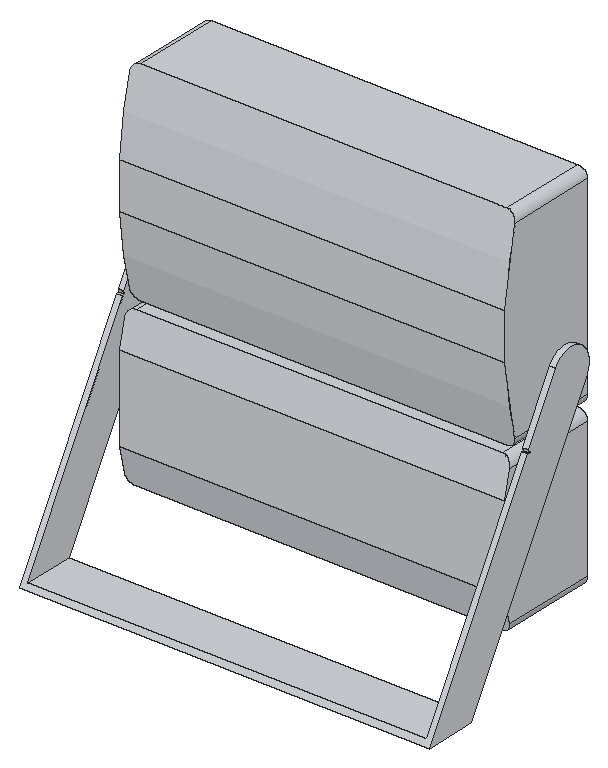
Revit family "Lighting-Proiezione-GEWISS-SMART[PRO]2.0-PROIETTORI-LED-MEDIA-POTENZA_2MODULI_DALI_CLI", category Apparecchi per illuminazione, host Superficie, Revit 2019
Family settings
  Host = Superficie
  Quota connettore circolare = Usa diametro
  Tipo di parte = Normale
  Taglio con vuoti quando caricato = No
  Sorgente d'illuminazione = No
  Condiviso = No
  Punto di calcolo locali = No
Parameters (values of type "GWP2285ND - SMARTPRO2.0 2M 5700K CRI80 A3 DALI CL1")
  Viti esterne = "Acciaio inossidabile"
  Versioni = "Luce fredda 5700K"
  Versione file RFA = "20.11"
  Vano di alimentazione = "Integrato"
  VISIBILITA PROIETTORE IN PIANTA [instance] = no
  VIBILITA SIMBOLO [instance] = not(VISIBILITA PROIETTORE IN PIANTA)  # yes
  URL = "https://www.gewiss.com/it/it"
  Tolleranza cromatica = "SDCM = 3"
  Tipologia sorgente luminosa = "LED - Non sostituibile"
  Tipologia = ""
  Tipo versione = ""
  Tipo di installazione e montaggio = "Torrefaro - Parete - Terra"
  Tipo di apparecchio = "Apparecchio per proiezione LED di piccola, media e alta potenza"
  Tensione di alimentazione = "220 - 240 V"
  Tensione = ""
  Temperatura di utilizzo = ""
  Temperatura di stoccaggio = "-"
  Temperatura di esercizio = "-30 +50 °C"
  Temperatura di colore: = ""
  Temperatura di colore = "5700K"
  Superficie massima esposta al vento : = "0,170 m2"
  Superficie massima esposta al vento = ""
  Spostamento_x_effettivo = 4000 mm - Spostamento_x  # 1813.822 mm
  Spostamento_x = 2186.178 mm
  SostituibilitÃ  piastra di cablaggio = "Non disponibile"
  SostituibilitÃ  gruppo ottico = "Non disponibile"
  Sistema di controllo = "DALI"
  Schermo = "Vetro piano extrachiaro spessore 4mm"
  Scheda Tecnica = "https://www.gewiss.com/it/it/search?q=GWP2285ND"
  SEO = "Proiettore"
  Resistenza alle sovratensioni : = ""
  Resistenza al filo incandescente = "-"
  Resistenza agli urti = "IK08"
  Regolazione inclinazione = ""
  Default Elevation = 1219.2 mm
  Produttore = "GEWISS S.p.A."
  Potenza di sistema = "330W"
  Peso (kg): = "13"
  Peso (kg) = ""
  Ottica = "A3 - Asimmetrica Stretta"
  N° LED = ""
  Numero moduli = ""
  Norma di riferimento = "EN60598-1; EN60598-2-5; IEC 62778; IEC 62471; EN13201"
  N. moduli Chorus = ""
  Modello = "GWP2285ND"
  Materiali = "-"
  Lumen output (lm) = "37200"
  Life Time L90B10 (Tq 50Â°C) : = ""
  Life Time L90B10 (Tq 25Â°C) : = ""
  Life Time L80B10 (Tq 25Â°C) = ""
  Lampada: = ""
  Lampada = "LED"
  Installazione e manutenzione = "-"
  Informazioni generali = "-"
  Indice di resa cromatica = "CRI-80"
  Inclinazione = "Rotazione su staffa con goniometro integrato"
  Immagine tipo = GWP2274AD.jpg
  IPEA = "STRADALE = A // GRANDI AREE = A3+ // CICLOPEDONALI = A+ // AREE VERDI = A+ // CENTRO STORICO = A5+ // ALTRO = A5+"
  IDT = "256691c01990452284852cf61e57a00c"
  IDF = "2baeb83e-fb93-4ee6-8b3b-a462765b39a8"
  Guarnizioni = "silicone antinvecchiamento"
  Gruppo ottico = "Parabola in alluminio anodizzato brillantato con alluminio puro 99,99%"
  Grado di protezione = "IP66"
  Garanzia = "5 anni"
  Gancio di chiusura = "Viti metriche esagonali"
  GW - Codice Electrocod = "2424"
  Frequenza nominale (Hz) = "50 / 60"
  Flusso nominale = ""
  Fissaggio = "Staffa"
  Finitura colore = "Verniciato a polvere poliestere"
  Efficienza luminosa (lm/W) = "113"
  Durata di vita = "L90B10 (Tq+25°C) - 40000h L90B10 (Tq+50°C) = 32000h L80B10 (Tq+25°C) - 90000h"
  Distanza minima dall'oggetto illuminato = ""
  Dispositivo di protezione = "DM 6 kV / CM 10 kV"
  Descrizione = "SMARTPRO2.0 2M 5700K CRI80 A3 DALI CL1"
  Creato da GEWISS S.p.A. = ""
  Corrente di pilotaggio LED = ""
  Corpo = "Alluminio pressofuso"
  Controllo abbagliamento e luminanza = "G*6 - ULOR = 0"
  Contesto = "Illuminazione di grandi aree, impianti sportivi"
  Colore = "Grigio grafite"
  Codice digitale univoco (Datamatrix) = "Attualmente non presente"
  Codice EAN = ""
  Classificazione: = "-"
  Classe isolamento = "I"
  Classe fotobiologica = "-"
  Certificazioni e classificazioni = "-"
  Certificazione DIN 18032-3 = "Si"
  Catalogo Serie = ""
  Catalogo = "LIGHTING"
  Caratteristiche ottiche e illuminotecniche = "-"
  Caratteristiche elettriche e gestione della luce = "-"
  Cablaggio = "Connettore stagno"
  COBie.Tagnumber = ""
  COBie.CreatedOn = ""
  COBie.CreatebBy = ""
  COBie.ComponentRegisterItemID = ""
  COBie.Component.TagNumber = ""
  COBie.Component.Space = ""
  COBie.Component.SerialNumber = ""
  COBie.Component.InstallationDate = ""
  COBie.Component.Description = ""
  COBie.Component.BarCode = ""
  Applicazione = "Interno / Esterno"
  Apparecchio a ridotta temperatura superficiale = "No"
  Alimentatore = "Incluso"
Reference planes
  plane 1 "Centro (Fronte/Retro)": y = 0
  plane 2: z = 0
  plane 3 "Centro (Sinistra/Destra)": x = 0
  plane 4: x = -1813.822
  plane 5: x = 0
Lines and regions (mm)
  Masking region 1, visible <- "VISIBILITA PROIETTORE IN PIANTA"
    outline origin (0, 0, 0) x (1, 0, 0) y (0, 1, 0)
      loop
        line (-199.835, 106.682) -> (-199.835, -103.584) -> (200.165, -103.584) -> (200.165, 106.682) -> (-199.835, 106.682)
  Masking region 2, visible <- "VISIBILITA PROIETTORE IN PIANTA"
    outline origin (0, 0, 0) x (1, 0, 0) y (0, 1, 0)
      loop
        line (-212.835, -113.135) -> (213.165, -113.135) -> (213.165, 106.682) -> (207.165, 106.682) -> (207.165, -110.249) -> (-207.165, -110.249) -> (-207.165, 106.682) -> (-212.835, 106.682) -> (-212.835, -113.135)
  symbolic lines, visible <- "VISIBILITA PROIETTORE IN PIANTA"
    curve 1: line (-193.91, 0, 417.088) -> (173.228, 0, 417.088)
    curve 2: line (-206.772, 0, 217.838) -> (-206.772, 0, 404.227)
    curve 3: line (173.228, 0, 197.838) -> (-186.772, 0, 197.838)
    curve 4: line (193.228, 0, 397.088) -> (193.228, 0, 217.838)
    curve 5: arc (-206.772, 0, 404.227) -> (-203.005, 0, 413.321) -> (-193.91, 0, 417.088) r 12.861
    curve 6: arc (193.228, 0, 397.088) -> (187.37, 0, 411.23) -> (173.228, 0, 417.088) r 20
    curve 7: arc (173.228, 0, 197.838) -> (187.37, 0, 203.696) -> (193.228, 0, 217.838) r 20
    curve 8: arc (-206.772, 0, 217.838) -> (-200.914, 0, 203.696) -> (-186.772, 0, 197.838) r 20
    curve 9: line (-193.91, 0, 182.088) -> (173.228, 0, 182.088)
    curve 10: line (-206.772, 0, 57.838) -> (-206.772, 0, 169.227)
    curve 11: line (173.228, 0, 37.838) -> (-186.772, 0, 37.838)
    curve 12: line (193.228, 0, 162.088) -> (193.228, 0, 57.838)
    curve 13: arc (-206.772, 0, 169.227) -> (-203.005, 0, 178.321) -> (-193.91, 0, 182.088) r 12.861
    curve 14: arc (193.228, 0, 162.088) -> (187.37, 0, 176.23) -> (173.228, 0, 182.088) r 20
    curve 15: arc (173.228, 0, 37.838) -> (187.37, 0, 43.696) -> (193.228, 0, 57.838) r 20
    curve 16: arc (-206.772, 0, 57.838) -> (-200.914, 0, 43.696) -> (-186.772, 0, 37.838) r 20
    curve 17: line (-227.35, 0, 25) -> (-227.35, 0, 253.745)
    curve 18: line (-222.35, 0, 248.021) -> (-222.35, 0, 30)
    curve 19: line (181.521, 0, 0) -> (-192.35, 0, 0)
    curve 20: line (-197.35, 0, -5) -> (186.521, 0, -5)
    curve 21: arc (-227.35, 0, 25) -> (-218.563, 0, 3.787) -> (-197.35, 0, -5) r 30
    curve 22: arc (-222.35, 0, 30) -> (-213.563, 0, 8.787) -> (-192.35, 0, 0) r 30
    curve 23: line (-227.35, 0, 211.958) -> (-225.82, 0, 211.958)
    curve 24: line (-225.82, 0, 211.958) -> (-227.841, 0, 215.455)
    curve 25: line (-227.841, 0, 215.455) -> (-231.85, 0, 222.399)
    curve 26: line (-231.85, 0, 222.399) -> (-231.85, 0, 228.935)
    curve 27: line (-231.85, 0, 228.935) -> (-231.85, 0, 247.511)
    curve 28: line (-231.85, 0, 247.511) -> (-226.218, 0, 257.265)
    curve 29: line (-222.35, 0, 211.265) -> (-204.35, 0, 211.265)
    curve 30: line (-204.35, 0, 257.265) -> (-226.218, 0, 257.265)
    curve 31: line (216.521, 0, 25) -> (216.521, 0, 253.745)
    curve 32: line (211.521, 0, 248.021) -> (211.521, 0, 30)
    curve 33: arc (216.521, 0, 25) -> (207.734, 0, 3.787) -> (186.521, 0, -5) r 30
    curve 34: arc (211.521, 0, 30) -> (202.734, 0, 8.787) -> (181.521, 0, 0) r 30
    curve 35: line (216.521, 0, 211.958) -> (214.991, 0, 211.958)
    curve 36: line (214.991, 0, 211.958) -> (217.011, 0, 215.455)
    curve 37: line (217.011, 0, 215.455) -> (221.021, 0, 222.399)
    curve 38: line (221.021, 0, 222.399) -> (221.021, 0, 228.935)
    curve 39: line (221.021, 0, 228.935) -> (221.021, 0, 247.511)
    curve 40: line (221.021, 0, 247.511) -> (215.389, 0, 257.265)
    curve 41: line (211.521, 0, 211.265) -> (193.521, 0, 211.265)
    curve 42: line (193.521, 0, 257.265) -> (215.389, 0, 257.265)
  symbolic lines, visible <- "VISIBILITA PROIETTORE IN PIANTA", not visible
    curve 43: line (382.37, 0, 549.17) -> (749.508, 0, 549.17)
    curve 44: line (369.508, 0, 349.92) -> (369.508, 0, 536.309)
    curve 45: line (749.508, 0, 329.92) -> (389.508, 0, 329.92)
    curve 46: line (769.508, 0, 529.17) -> (769.508, 0, 349.92)
    curve 47: arc (369.508, 0, 536.309) -> (373.275, 0, 545.403) -> (382.37, 0, 549.17) r 12.861
    curve 48: arc (769.508, 0, 529.17) -> (763.651, 0, 543.313) -> (749.508, 0, 549.17) r 20
    curve 49: arc (749.508, 0, 329.92) -> (763.651, 0, 335.778) -> (769.508, 0, 349.92) r 20
    curve 50: arc (369.508, 0, 349.92) -> (375.366, 0, 335.778) -> (389.508, 0, 329.92) r 20
    curve 51: line (382.37, 0, 314.17) -> (749.508, 0, 314.17)
    curve 52: line (369.508, 0, 189.92) -> (369.508, 0, 301.309)
    curve 53: line (749.508, 0, 169.92) -> (389.508, 0, 169.92)
    curve 54: line (769.508, 0, 294.17) -> (769.508, 0, 189.92)
    curve 55: arc (369.508, 0, 301.309) -> (373.275, 0, 310.403) -> (382.37, 0, 314.17) r 12.861
    curve 56: arc (769.508, 0, 294.17) -> (763.651, 0, 308.313) -> (749.508, 0, 314.17) r 20
    curve 57: arc (749.508, 0, 169.92) -> (763.651, 0, 175.778) -> (769.508, 0, 189.92) r 20
    curve 58: arc (369.508, 0, 189.92) -> (375.366, 0, 175.778) -> (389.508, 0, 169.92) r 20
    curve 59: line (348.93, 0, 157.082) -> (348.93, 0, 385.828)
    curve 60: line (353.93, 0, 380.103) -> (353.93, 0, 162.082)
    curve 61: line (757.801, 0, 132.082) -> (383.93, 0, 132.082)
    curve 62: line (378.93, 0, 127.082) -> (762.801, 0, 127.082)
    curve 63: arc (348.93, 0, 157.082) -> (357.717, 0, 135.869) -> (378.93, 0, 127.082) r 30
    curve 64: arc (353.93, 0, 162.082) -> (362.717, 0, 140.869) -> (383.93, 0, 132.082) r 30
    curve 65: line (348.93, 0, 344.04) -> (350.46, 0, 344.04)
    curve 66: line (350.46, 0, 344.04) -> (348.439, 0, 347.537)
    curve 67: line (348.439, 0, 347.537) -> (344.43, 0, 354.481)
    curve 68: line (344.43, 0, 354.481) -> (344.43, 0, 361.017)
    curve 69: line (344.43, 0, 361.017) -> (344.43, 0, 379.593)
    curve 70: line (344.43, 0, 379.593) -> (350.062, 0, 389.347)
    curve 71: line (353.93, 0, 343.347) -> (371.93, 0, 343.347)
    curve 72: line (371.93, 0, 389.347) -> (350.062, 0, 389.347)
    curve 73: line (792.801, 0, 157.082) -> (792.801, 0, 385.828)
    curve 74: line (787.801, 0, 380.103) -> (787.801, 0, 162.082)
    curve 75: arc (792.801, 0, 157.082) -> (784.014, 0, 135.869) -> (762.801, 0, 127.082) r 30
    curve 76: arc (787.801, 0, 162.082) -> (779.014, 0, 140.869) -> (757.801, 0, 132.082) r 30
    curve 77: line (792.801, 0, 344.04) -> (791.271, 0, 344.04)
    curve 78: line (791.271, 0, 344.04) -> (793.292, 0, 347.537)
    curve 79: line (793.292, 0, 347.537) -> (797.301, 0, 354.481)
    curve 80: line (797.301, 0, 354.481) -> (797.301, 0, 361.017)
    curve 81: line (797.301, 0, 361.017) -> (797.301, 0, 379.593)
    curve 82: line (797.301, 0, 379.593) -> (791.669, 0, 389.347)
    curve 83: line (787.801, 0, 343.347) -> (769.801, 0, 343.347)
    curve 84: line (769.801, 0, 389.347) -> (791.669, 0, 389.347)
    curve 85: line (-193.91, 0, 417.088) -> (173.228, 0, 417.088)
    curve 86: line (-206.772, 0, 217.838) -> (-206.772, 0, 404.227)
    curve 87: line (173.228, 0, 197.838) -> (-186.772, 0, 197.838)
    curve 88: line (193.228, 0, 397.088) -> (193.228, 0, 217.838)
    curve 89: arc (-206.772, 0, 404.227) -> (-203.005, 0, 413.321) -> (-193.91, 0, 417.088) r 12.861
    curve 90: arc (193.228, 0, 397.088) -> (187.37, 0, 411.23) -> (173.228, 0, 417.088) r 20
    curve 91: arc (173.228, 0, 197.838) -> (187.37, 0, 203.696) -> (193.228, 0, 217.838) r 20
    curve 92: arc (-206.772, 0, 217.838) -> (-200.914, 0, 203.696) -> (-186.772, 0, 197.838) r 20
    curve 93: line (-193.91, 0, 182.088) -> (173.228, 0, 182.088)
    curve 94: line (-206.772, 0, 57.838) -> (-206.772, 0, 169.227)
    curve 95: line (173.228, 0, 37.838) -> (-186.772, 0, 37.838)
    curve 96: line (193.228, 0, 162.088) -> (193.228, 0, 57.838)
    curve 97: arc (-206.772, 0, 169.227) -> (-203.005, 0, 178.321) -> (-193.91, 0, 182.088) r 12.861
    curve 98: arc (193.228, 0, 162.088) -> (187.37, 0, 176.23) -> (173.228, 0, 182.088) r 20
    curve 99: arc (173.228, 0, 37.838) -> (187.37, 0, 43.696) -> (193.228, 0, 57.838) r 20
    curve 100: arc (-206.772, 0, 57.838) -> (-200.914, 0, 43.696) -> (-186.772, 0, 37.838) r 20
    curve 101: line (-227.35, 0, 25) -> (-227.35, 0, 253.745)
    curve 102: line (-222.35, 0, 248.021) -> (-222.35, 0, 30)
    curve 103: line (181.521, 0, 0) -> (-192.35, 0, 0)
    curve 104: line (-197.35, 0, -5) -> (186.521, 0, -5)
    curve 105: arc (-227.35, 0, 25) -> (-218.563, 0, 3.787) -> (-197.35, 0, -5) r 30
    curve 106: arc (-222.35, 0, 30) -> (-213.563, 0, 8.787) -> (-192.35, 0, 0) r 30
    curve 107: line (-227.35, 0, 211.958) -> (-225.82, 0, 211.958)
    curve 108: line (-225.82, 0, 211.958) -> (-227.841, 0, 215.455)
    curve 109: line (-227.841, 0, 215.455) -> (-231.85, 0, 222.399)
    curve 110: line (-231.85, 0, 222.399) -> (-231.85, 0, 228.935)
    curve 111: line (-231.85, 0, 228.935) -> (-231.85, 0, 247.511)
    curve 112: line (-231.85, 0, 247.511) -> (-226.218, 0, 257.265)
    curve 113: line (-222.35, 0, 211.265) -> (-204.35, 0, 211.265)
    curve 114: line (-204.35, 0, 257.265) -> (-226.218, 0, 257.265)
    curve 115: line (216.521, 0, 25) -> (216.521, 0, 253.745)
    curve 116: line (211.521, 0, 248.021) -> (211.521, 0, 30)
    curve 117: arc (216.521, 0, 25) -> (207.734, 0, 3.787) -> (186.521, 0, -5) r 30
    curve 118: arc (211.521, 0, 30) -> (202.734, 0, 8.787) -> (181.521, 0, 0) r 30
    curve 119: line (216.521, 0, 211.958) -> (214.991, 0, 211.958)
    curve 120: line (214.991, 0, 211.958) -> (217.011, 0, 215.455)
    curve 121: line (217.011, 0, 215.455) -> (221.021, 0, 222.399)
    curve 122: line (221.021, 0, 222.399) -> (221.021, 0, 228.935)
    curve 123: line (221.021, 0, 228.935) -> (221.021, 0, 247.511)
    curve 124: line (221.021, 0, 247.511) -> (215.389, 0, 257.265)
    curve 125: line (211.521, 0, 211.265) -> (193.521, 0, 211.265)
    curve 126: line (193.521, 0, 257.265) -> (215.389, 0, 257.265)
Dimensions and locks
  plane 4 to plane 3 "Centro (Sinistra/Destra)" = 1813.822 mm
  "Spostamento_x_effettivo": plane 4 to plane 5
  aligned and locked: plane 2 to host face
  aligned and locked: level to host face
  aligned and locked: plane 3 "Centro (Sinistra/Destra)" to nested 1
  aligned and locked: plane 5 to nested 2
Automatic sketch dimensions
  host sketch curve to host sketch curve = 2438.4 mm  (x2)
  Masking region 1 sketch curve to plane 3 "Centro (Sinistra/Destra)" = 199.835 mm
  plane 3 "Centro (Sinistra/Destra)" to Masking region 1 sketch curve = 200.165 mm
  plane 1 "Centro (Fronte/Retro)" to Masking region 1 sketch curve = 103.584 mm
  Masking region 1 sketch curve to plane 1 "Centro (Fronte/Retro)" = 106.682 mm
  Masking region 2 sketch curve to plane 3 "Centro (Sinistra/Destra)" = 212.835 mm
  Masking region 2 sketch curve to Masking region 2 sketch curve = 5.671 mm
  plane 3 "Centro (Sinistra/Destra)" to Masking region 2 sketch curve = 207.165 mm
  Masking region 2 sketch curve to Masking region 2 sketch curve = 6 mm
  plane 1 "Centro (Fronte/Retro)" to Masking region 2 sketch curve = 113.135 mm
  Masking region 2 sketch curve to Masking region 2 sketch curve = 2.887 mm
  Masking region 2 sketch curve to plane 1 "Centro (Fronte/Retro)" = 106.682 mm  (x2)
Nested families
  nested 1: "SMART[PRO]2.0 PROIETTORI LED MEDIA POTENZA 2 MOD DALI_BASE" at (-212.835, -103.584, 0), type "GWP2273AD - 3000K - Symm. S1 - 2x80 LED - 330W - IP66"
  nested 2: "SIMB2DALI" at (0, 20, 0), type "SIMB2DALI"
  nested 3: "SIMB2DALI" at (0, 0, 228.171) x (1, 0, 0) z (0, -1, 0), visible <- "VIBILITA SIMBOLO", type "SIMB2DALI"
Definition of nested family "SMART[PRO]2.0 PROIETTORI LED MEDIA POTENZA 2 MOD DALI_BASE"
  Parameters (values of type "GWP2273AD - 3000K - Symm. S1 - 2x80 LED - 330W - IP66")
    l = 400 mm  # constant formula
    Vetro = none
    Versioni = "Luce calda 3000K"
    Temperatura di colore = "3000 K (CRI 70)"
    Superficie massima esposta al vento [mq] = "0,43"
    Serie = "SMART [PRO] 2.0"
    Resistenza agli urti = "IK08"
    Regolazione inclinazione = "-180° ÷ + 180° staffa"
    Default Elevation = 1219.2 mm
    Manufacturer = "GEWISS"
    Potenza di sistema = "330W"
    Peso (kg) = "13"
    Ottica = "Simmetrica S1"
    N° LED = "160"
    Numero moduli = "2 (2x80 LED)"
    Model = "GWP2273AD"
    Lumen output (lm) = "34925"
    Lamp = "LED"
    Type Image = element 180151
    GW - Grado di protezione = "IP66"
    Garanzia = "5 anni"
    GEWISS SCHEDA TECNICA = "http://pro.gewiss.com/irj/portal/?NavigationTarget=pcd:portal_content/com.gewiss.ZPPFDMain/com.gewiss.ZPPFDITMain/com.gewiss.ZPPFDITMainDefault/com.gewiss.ZPPFDITPages/com.gewiss.ZPPFDITPagesAP/com.gewiss.ZPPFDITPagesAPCatalogo/com.gewiss.ZPPPDITAPProductDetail&codProd=GWP2273AD"
    Flusso nominale = "44800"
    Description = "SMART PRO 2M 3000K CRI70 TYPE S1 DALI"
    GW - Codice Electrocod = "2424"
    Classe isolamento = "I"
    Applicazione = "Interno / Esterno"
  Types (32, lengths in mm): name | Versioni | Temperatura di colore | Ottica | Model | Lumen output (lm) | GEWISS SCHEDA TECNICA | Flusso nominale | Description
    GWP2273AD - 3000K - Symm. S1 - 2x80 LED - 330W - IP66 | "Luce calda 3000K" | "3000 K (CRI 70)" | "Simmetrica S1" | "GWP2273AD" | "34925" | "http://pro.gewiss.com/irj/portal/?NavigationTarget=pcd:portal_content/com.gewiss.ZPPFDMain/com.gewiss.ZPPFDITMain/com.gewiss.ZPPFDITMainDefault/com.gewiss.ZPPFDITPages/com.gewiss.ZPPFDITPagesAP/com.gewiss.ZPPFDITPagesAPCatalogo/com.gewiss.ZPPPDITAPProductDetail&codProd=GWP2273AD" | "44800" | "SMART PRO 2M 3000K CRI70 TYPE S1 DALI"
    GWP2273BD - 3000K - Symm. S2 - 2x80 LED - 330W - IP66 | "Luce calda 3000K" | "3000 K (CRI 70)" | "Simmetrica S2" | "GWP2273BD" | "37137" | "http://pro.gewiss.com/irj/portal/?NavigationTarget=pcd:portal_content/com.gewiss.ZPPFDMain/com.gewiss.ZPPFDITMain/com.gewiss.ZPPFDITMainDefault/com.gewiss.ZPPFDITPages/com.gewiss.ZPPFDITPagesAP/com.gewiss.ZPPFDITPagesAPCatalogo/com.gewiss.ZPPPDITAPProductDetail&codProd=GWP2273BD" | "44800" | "SMART PRO 2M 3000K CRI70 TYPE S2 DALI"
    GWP2273CD - 3000K - Asymm. A1 - 2x80 LED - 330W - IP66 | "Luce calda 3000K" | "3000 K (CRI 70)" | "Asimmetrica A1" | "GWP2273CD" | "34141" | "http://pro.gewiss.com/irj/portal/?NavigationTarget=pcd:portal_content/com.gewiss.ZPPFDMain/com.gewiss.ZPPFDITMain/com.gewiss.ZPPFDITMainDefault/com.gewiss.ZPPFDITPages/com.gewiss.ZPPFDITPagesAP/com.gewiss.ZPPFDITPagesAPCatalogo/com.gewiss.ZPPPDITAPProductDetail&codProd=GWP2273CD" | "44800" | "SMART PRO 2M 3000K CRI70 TYPE A1 DALI"
    GWP2273FD - 3000K - Asymm. A2 - 2x80 LED - 330W - IP66 | "Luce calda 3000K" | "3000 K (CRI 70)" | "Asimmetrica A2" | "GWP2273FD" | "29176" | "http://pro.gewiss.com/irj/portal/?NavigationTarget=pcd:portal_content/com.gewiss.ZPPFDMain/com.gewiss.ZPPFDITMain/com.gewiss.ZPPFDITMainDefault/com.gewiss.ZPPFDITPages/com.gewiss.ZPPFDITPagesAP/com.gewiss.ZPPFDITPagesAPCatalogo/com.gewiss.ZPPPDITAPProductDetail&codProd=GWP2273FD" | "44800" | "SMART PRO 2M 3000K CRI70 TYPE A2 DALI"
    GWP2273GD - 3000K - Circ. C4 - 2x80 LED - 330W - IP66 | "Luce calda 3000K" | "3000 K (CRI 70)" | "Circolare C4" | "GWP2273GD" | "35261" | "http://pro.gewiss.com/irj/portal/?NavigationTarget=pcd:portal_content/com.gewiss.ZPPFDMain/com.gewiss.ZPPFDITMain/com.gewiss.ZPPFDITMainDefault/com.gewiss.ZPPFDITPages/com.gewiss.ZPPFDITPagesAP/com.gewiss.ZPPFDITPagesAPCatalogo/com.gewiss.ZPPPDITAPProductDetail&codProd=GWP2273GD" | "44800" | "SMART PRO 2M 3000K CRI70 TYPE C4 DALI"
    GWP2273HD - 3000K - Circ. C3 - 2x80 LED - 330W - IP66 | "Luce calda 3000K" | "3000 K (CRI 70)" | "Circolare C3" | "GWP2273HD" | "35261" | "http://pro.gewiss.com/irj/portal/?NavigationTarget=pcd:portal_content/com.gewiss.ZPPFDMain/com.gewiss.ZPPFDITMain/com.gewiss.ZPPFDITMainDefault/com.gewiss.ZPPFDITPages/com.gewiss.ZPPFDITPagesAP/com.gewiss.ZPPFDITPagesAPCatalogo/com.gewiss.ZPPPDITAPProductDetail&codProd=GWP2273HD" | "44800" | "SMART PRO 2M 3000K CRI70 TYPE C3 DALI"
    GWP2273LD - 3000K - Circ. C2 - 2x80 LED - 330W - IP66 | "Luce calda 3000K" | "3000 K (CRI 70)" | "Circolare C2" | "GWP2273LD" | "35261" | "http://pro.gewiss.com/irj/portal/?NavigationTarget=pcd:portal_content/com.gewiss.ZPPFDMain/com.gewiss.ZPPFDITMain/com.gewiss.ZPPFDITMainDefault/com.gewiss.ZPPFDITPages/com.gewiss.ZPPFDITPagesAP/com.gewiss.ZPPFDITPagesAPCatalogo/com.gewiss.ZPPPDITAPProductDetail&codProd=GWP2273LD" | "44800" | "SMART PRO 2M 3000K CRI70 TYPE C2 DALI"
    GWP2273MD - 3000K - Circ. C1 - 2x80 LED - 330W - IP66 | "Luce calda 3000K" | "3000 K (CRI 70)" | "Circolare C1" | "GWP2273MD" | "35261" | "http://pro.gewiss.com/irj/portal/?NavigationTarget=pcd:portal_content/com.gewiss.ZPPFDMain/com.gewiss.ZPPFDITMain/com.gewiss.ZPPFDITMainDefault/com.gewiss.ZPPFDITPages/com.gewiss.ZPPFDITPagesAP/com.gewiss.ZPPFDITPagesAPCatalogo/com.gewiss.ZPPPDITAPProductDetail&codProd=GWP2273MD" | "44800" | "SMART PRO 2M 3000K CRI70 TYPE C1 DALI"
    GWP2274AD - 4000K - Symm. S1 - 2x80 LED - 330W - IP66 | "Luce naturale 4000K" | "4000 K (CRI 70)" | "Simmetrica S1" | "GWP2274AD" | "37420" | "http://pro.gewiss.com/irj/portal/?NavigationTarget=pcd:portal_content/com.gewiss.ZPPFDMain/com.gewiss.ZPPFDITMain/com.gewiss.ZPPFDITMainDefault/com.gewiss.ZPPFDITPages/com.gewiss.ZPPFDITPagesAP/com.gewiss.ZPPFDITPagesAPCatalogo/com.gewiss.ZPPPDITAPProductDetail&codProd=GWP2274AD" | "48000" | "SMART PRO 2M 4000K CRI70 TYPE S1 DALI"
    GWP2274BD - 4000K - Symm. S2 - 2x80 LED - 330W - IP66 | "Luce naturale 4000K" | "4000 K (CRI 70)" | "Simmetrica S2" | "GWP2274BD" | "39790" | "http://pro.gewiss.com/irj/portal/?NavigationTarget=pcd:portal_content/com.gewiss.ZPPFDMain/com.gewiss.ZPPFDITMain/com.gewiss.ZPPFDITMainDefault/com.gewiss.ZPPFDITPages/com.gewiss.ZPPFDITPagesAP/com.gewiss.ZPPFDITPagesAPCatalogo/com.gewiss.ZPPPDITAPProductDetail&codProd=GWP2274BD" | "48000" | "SMART PRO 2M 4000K CRI70 TYPE S2 DALI"
    GWP2274CD - 4000K - Asymm. A1 - 2x80 LED - 330W - IP66 | "Luce naturale 4000K" | "4000 K (CRI 70)" | "Asimmetrica A1" | "GWP2274CD" | "36580" | "http://pro.gewiss.com/irj/portal/?NavigationTarget=pcd:portal_content/com.gewiss.ZPPFDMain/com.gewiss.ZPPFDITMain/com.gewiss.ZPPFDITMainDefault/com.gewiss.ZPPFDITPages/com.gewiss.ZPPFDITPagesAP/com.gewiss.ZPPFDITPagesAPCatalogo/com.gewiss.ZPPPDITAPProductDetail&codProd=GWP2274CD" | "48000" | "SMART PRO 2M 4000K CRI70 TYPE A1 DALI"
    GWP2274FD - 4000K - Asymm. A2 - 2x80 LED - 330W - IP66 | "Luce naturale 4000K" | "4000 K (CRI 70)" | "Asimmetrica A2" | "GWP2274FD" | "31260" | "http://pro.gewiss.com/irj/portal/?NavigationTarget=pcd:portal_content/com.gewiss.ZPPFDMain/com.gewiss.ZPPFDITMain/com.gewiss.ZPPFDITMainDefault/com.gewiss.ZPPFDITPages/com.gewiss.ZPPFDITPagesAP/com.gewiss.ZPPFDITPagesAPCatalogo/com.gewiss.ZPPPDITAPProductDetail&codProd=GWP2274FD" | "48000" | "SMART PRO 2M 4000K CRI70 TYPE A2 DALI"
    GWP2274GD - 4000K - Circ. C4 - 2x80 LED - 330W - IP66 | "Luce naturale 4000K" | "4000 K (CRI 70)" | "Circolare C4" | "GWP2274GD" | "37780" | "http://pro.gewiss.com/irj/portal/?NavigationTarget=pcd:portal_content/com.gewiss.ZPPFDMain/com.gewiss.ZPPFDITMain/com.gewiss.ZPPFDITMainDefault/com.gewiss.ZPPFDITPages/com.gewiss.ZPPFDITPagesAP/com.gewiss.ZPPFDITPagesAPCatalogo/com.gewiss.ZPPPDITAPProductDetail&codProd=GWP2274GD" | "48000" | "SMART PRO 2M 4000K CRI70 TYPE C4 DALI"
    GWP2274HD - 4000K - Circ. C3 - 2x80 LED - 330W - IP66 | "Luce naturale 4000K" | "4000 K (CRI 70)" | "Circolare C3" | "GWP2274HD" | "37780" | "http://pro.gewiss.com/irj/portal/?NavigationTarget=pcd:portal_content/com.gewiss.ZPPFDMain/com.gewiss.ZPPFDITMain/com.gewiss.ZPPFDITMainDefault/com.gewiss.ZPPFDITPages/com.gewiss.ZPPFDITPagesAP/com.gewiss.ZPPFDITPagesAPCatalogo/com.gewiss.ZPPPDITAPProductDetail&codProd=GWP2274HD" | "48000" | "SMART PRO 2M 4000K CRI70 TYPE C3 DALI"
    GWP2274LD - 4000K - Circ. C2 - 2x80 LED - 330W - IP66 | "Luce naturale 4000K" | "4000 K (CRI 70)" | "Circolare C2" | "GWP2274LD" | "37780" | "http://pro.gewiss.com/irj/portal/?NavigationTarget=pcd:portal_content/com.gewiss.ZPPFDMain/com.gewiss.ZPPFDITMain/com.gewiss.ZPPFDITMainDefault/com.gewiss.ZPPFDITPages/com.gewiss.ZPPFDITPagesAP/com.gewiss.ZPPFDITPagesAPCatalogo/com.gewiss.ZPPPDITAPProductDetail&codProd=GWP2274LD" | "48000" | "SMART PRO 2M 4000K CRI70 TYPE C2 DALI"
    GWP2274MD - 4000K - Circ. C1 - 2x80 LED - 330W - IP66 | "Luce naturale 4000K" | "4000 K (CRI 70)" | "Circolare C1" | "GWP2274MD" | "37780" | "http://pro.gewiss.com/irj/portal/?NavigationTarget=pcd:portal_content/com.gewiss.ZPPFDMain/com.gewiss.ZPPFDITMain/com.gewiss.ZPPFDITMainDefault/com.gewiss.ZPPFDITPages/com.gewiss.ZPPFDITPagesAP/com.gewiss.ZPPFDITPagesAPCatalogo/com.gewiss.ZPPPDITAPProductDetail&codProd=GWP2274MD" | "48000" | "SMART PRO 2M 4000K CRI70 TYPE C1 DALI"
    GWP2275AD - 5700K - Symm. S1 - 2x80 LED - 330W - IP66 | "Luce fredda 5700K" | "5700 K (CRI 70)" | "Simmetrica S1" | "GWP2275AD" | "37420" | "http://pro.gewiss.com/irj/portal/?NavigationTarget=pcd:portal_content/com.gewiss.ZPPFDMain/com.gewiss.ZPPFDITMain/com.gewiss.ZPPFDITMainDefault/com.gewiss.ZPPFDITPages/com.gewiss.ZPPFDITPagesAP/com.gewiss.ZPPFDITPagesAPCatalogo/com.gewiss.ZPPPDITAPProductDetail&codProd=GWP2275AD" | "48000" | "SMART PRO 2M 5700K CRI70 TYPE S1 DALI"
    GWP2275BD - 5700K - Symm. S2 - 2x80 LED - 330W - IP66 | "Luce fredda 5700K" | "5700 K (CRI 70)" | "Simmetrica S2" | "GWP2275BD" | "39790" | "http://pro.gewiss.com/irj/portal/?NavigationTarget=pcd:portal_content/com.gewiss.ZPPFDMain/com.gewiss.ZPPFDITMain/com.gewiss.ZPPFDITMainDefault/com.gewiss.ZPPFDITPages/com.gewiss.ZPPFDITPagesAP/com.gewiss.ZPPFDITPagesAPCatalogo/com.gewiss.ZPPPDITAPProductDetail&codProd=GWP2275BD" | "48000" | "SMART PRO 2M 5700K CRI70 TYPE S2 DALI"
    GWP2275CD - 5700K - Asymm. A1 - 2x80 LED - 330W - IP66 | "Luce fredda 5700K" | "5700 K (CRI 70)" | "Asimmetrica A1" | "GWP2275CD" | "36580" | "http://pro.gewiss.com/irj/portal/?NavigationTarget=pcd:portal_content/com.gewiss.ZPPFDMain/com.gewiss.ZPPFDITMain/com.gewiss.ZPPFDITMainDefault/com.gewiss.ZPPFDITPages/com.gewiss.ZPPFDITPagesAP/com.gewiss.ZPPFDITPagesAPCatalogo/com.gewiss.ZPPPDITAPProductDetail&codProd=GWP2275CD" | "48000" | "SMART PRO 2M 5700K CRI70 TYPE A1 DALI"
    GWP2275FD - 5700K - Asymm. A2 - 2x80 LED - 330W - IP66 | "Luce fredda 5700K" | "5700 K (CRI 70)" | "Asimmetrica A2" | "GWP2275FD" | "31260" | "http://pro.gewiss.com/irj/portal/?NavigationTarget=pcd:portal_content/com.gewiss.ZPPFDMain/com.gewiss.ZPPFDITMain/com.gewiss.ZPPFDITMainDefault/com.gewiss.ZPPFDITPages/com.gewiss.ZPPFDITPagesAP/com.gewiss.ZPPFDITPagesAPCatalogo/com.gewiss.ZPPPDITAPProductDetail&codProd=GWP2275FD" | "48000" | "SMART PRO 2M 5700K CRI70 TYPE A2 DALI"
    GWP2275GD - 5700K - Circ. C4 - 2x80 LED - 330W - IP66 | "Luce fredda 5700K" | "5700 K (CRI 70)" | "Circolare C4" | "GWP2275GD" | "37780" | "http://pro.gewiss.com/irj/portal/?NavigationTarget=pcd:portal_content/com.gewiss.ZPPFDMain/com.gewiss.ZPPFDITMain/com.gewiss.ZPPFDITMainDefault/com.gewiss.ZPPFDITPages/com.gewiss.ZPPFDITPagesAP/com.gewiss.ZPPFDITPagesAPCatalogo/com.gewiss.ZPPPDITAPProductDetail&codProd=GWP2275GD" | "48000" | "SMART PRO 2M 5700K CRI70 TYPE C4 DALI"
    GWP2275HD - 5700K - Circ. C3 - 2x80 LED - 330W - IP66 | "Luce fredda 5700K" | "5700 K (CRI 70)" | "Circolare C3" | "GWP2275HD" | "37780" | "http://pro.gewiss.com/irj/portal/?NavigationTarget=pcd:portal_content/com.gewiss.ZPPFDMain/com.gewiss.ZPPFDITMain/com.gewiss.ZPPFDITMainDefault/com.gewiss.ZPPFDITPages/com.gewiss.ZPPFDITPagesAP/com.gewiss.ZPPFDITPagesAPCatalogo/com.gewiss.ZPPPDITAPProductDetail&codProd=GWP2275HD" | "48000" | "SMART PRO 2M 5700K CRI70 TYPE C3 DALI"
    GWP2275LD - 5700K - Circ. C2 - 2x80 LED - 330W - IP66 | "Luce fredda 5700K" | "5700 K (CRI 70)" | "Circolare C2" | "GWP2275LD" | "37780" | "http://pro.gewiss.com/irj/portal/?NavigationTarget=pcd:portal_content/com.gewiss.ZPPFDMain/com.gewiss.ZPPFDITMain/com.gewiss.ZPPFDITMainDefault/com.gewiss.ZPPFDITPages/com.gewiss.ZPPFDITPagesAP/com.gewiss.ZPPFDITPagesAPCatalogo/com.gewiss.ZPPPDITAPProductDetail&codProd=GWP2275LD" | "48000" | "SMART PRO 2M 5700K CRI70 TYPE C2 DALI"
    GWP2275MD - 5700K - Circ. C1 - 2x80 LED - 330W - IP66 | "Luce fredda 5700K" | "5700 K (CRI 70)" | "Circolare C1" | "GWP2275MD" | "37780" | "http://pro.gewiss.com/irj/portal/?NavigationTarget=pcd:portal_content/com.gewiss.ZPPFDMain/com.gewiss.ZPPFDITMain/com.gewiss.ZPPFDITMainDefault/com.gewiss.ZPPFDITPages/com.gewiss.ZPPFDITPagesAP/com.gewiss.ZPPFDITPagesAPCatalogo/com.gewiss.ZPPPDITAPProductDetail&codProd=GWP2275MD" | "48000" | "SMART PRO 2M 5700K CRI70 TYPE C1 DALI"
    GWP2284AD | "Luce naturale 4000K" | "4000 K (CRI 70)" | "Simmetrica S1" | "GWP2274AD" | "37420" | "http://pro.gewiss.com/irj/portal/?NavigationTarget=pcd:portal_content/com.gewiss.ZPPFDMain/com.gewiss.ZPPFDITMain/com.gewiss.ZPPFDITMainDefault/com.gewiss.ZPPFDITPages/com.gewiss.ZPPFDITPagesAP/com.gewiss.ZPPFDITPagesAPCatalogo/com.gewiss.ZPPPDITAPProductDetail&codProd=GWP2274AD" | "48000" | "SMART PRO 2M 4000K CRI70 TYPE S1 DALI"
    GWP2284BD | "Luce naturale 4000K" | "4000 K (CRI 70)" | "Simmetrica S2" | "GWP2274BD" | "39790" | "http://pro.gewiss.com/irj/portal/?NavigationTarget=pcd:portal_content/com.gewiss.ZPPFDMain/com.gewiss.ZPPFDITMain/com.gewiss.ZPPFDITMainDefault/com.gewiss.ZPPFDITPages/com.gewiss.ZPPFDITPagesAP/com.gewiss.ZPPFDITPagesAPCatalogo/com.gewiss.ZPPPDITAPProductDetail&codProd=GWP2274BD" | "48000" | "SMART PRO 2M 4000K CRI70 TYPE S2 DALI"
    GWP2284CD | "Luce naturale 4000K" | "4000 K (CRI 70)" | "Asimmetrica A1" | "GWP2274CD" | "36580" | "http://pro.gewiss.com/irj/portal/?NavigationTarget=pcd:portal_content/com.gewiss.ZPPFDMain/com.gewiss.ZPPFDITMain/com.gewiss.ZPPFDITMainDefault/com.gewiss.ZPPFDITPages/com.gewiss.ZPPFDITPagesAP/com.gewiss.ZPPFDITPagesAPCatalogo/com.gewiss.ZPPPDITAPProductDetail&codProd=GWP2274CD" | "48000" | "SMART PRO 2M 4000K CRI70 TYPE A1 DALI"
    GWP2284FD | "Luce naturale 4000K" | "4000 K (CRI 70)" | "Asimmetrica A2" | "GWP2274FD" | "31260" | "http://pro.gewiss.com/irj/portal/?NavigationTarget=pcd:portal_content/com.gewiss.ZPPFDMain/com.gewiss.ZPPFDITMain/com.gewiss.ZPPFDITMainDefault/com.gewiss.ZPPFDITPages/com.gewiss.ZPPFDITPagesAP/com.gewiss.ZPPFDITPagesAPCatalogo/com.gewiss.ZPPPDITAPProductDetail&codProd=GWP2274FD" | "48000" | "SMART PRO 2M 4000K CRI70 TYPE A2 DALI"
    GWP2284GD | "Luce naturale 4000K" | "4000 K (CRI 70)" | "Circolare C4" | "GWP2274GD" | "37780" | "http://pro.gewiss.com/irj/portal/?NavigationTarget=pcd:portal_content/com.gewiss.ZPPFDMain/com.gewiss.ZPPFDITMain/com.gewiss.ZPPFDITMainDefault/com.gewiss.ZPPFDITPages/com.gewiss.ZPPFDITPagesAP/com.gewiss.ZPPFDITPagesAPCatalogo/com.gewiss.ZPPPDITAPProductDetail&codProd=GWP2274GD" | "48000" | "SMART PRO 2M 4000K CRI70 TYPE C4 DALI"
    GWP2284HD | "Luce naturale 4000K" | "4000 K (CRI 70)" | "Circolare C3" | "GWP2274HD" | "37780" | "http://pro.gewiss.com/irj/portal/?NavigationTarget=pcd:portal_content/com.gewiss.ZPPFDMain/com.gewiss.ZPPFDITMain/com.gewiss.ZPPFDITMainDefault/com.gewiss.ZPPFDITPages/com.gewiss.ZPPFDITPagesAP/com.gewiss.ZPPFDITPagesAPCatalogo/com.gewiss.ZPPPDITAPProductDetail&codProd=GWP2274HD" | "48000" | "SMART PRO 2M 4000K CRI70 TYPE C3 DALI"
    GWP2284LD | "Luce naturale 4000K" | "4000 K (CRI 70)" | "Circolare C2" | "GWP2274LD" | "37780" | "http://pro.gewiss.com/irj/portal/?NavigationTarget=pcd:portal_content/com.gewiss.ZPPFDMain/com.gewiss.ZPPFDITMain/com.gewiss.ZPPFDITMainDefault/com.gewiss.ZPPFDITPages/com.gewiss.ZPPFDITPagesAP/com.gewiss.ZPPFDITPagesAPCatalogo/com.gewiss.ZPPPDITAPProductDetail&codProd=GWP2274LD" | "48000" | "SMART PRO 2M 4000K CRI70 TYPE C2 DALI"
    GWP2284MD | "Luce naturale 4000K" | "4000 K (CRI 70)" | "Circolare C1" | "GWP2274MD" | "37780" | "http://pro.gewiss.com/irj/portal/?NavigationTarget=pcd:portal_content/com.gewiss.ZPPFDMain/com.gewiss.ZPPFDITMain/com.gewiss.ZPPFDITMainDefault/com.gewiss.ZPPFDITPages/com.gewiss.ZPPFDITPagesAP/com.gewiss.ZPPFDITPagesAPCatalogo/com.gewiss.ZPPPDITAPProductDetail&codProd=GWP2274MD" | "48000" | "SMART PRO 2M 4000K CRI70 TYPE C1 DALI"
  Reference planes
    plane 1 "Centro (Fronte/Retro)": y = 0
    plane 2: z = 0
    plane 3 "Centro (Sinistra/Destra)": x = 0
    plane 4: x = 5.671
    plane 5: z = 5
    plane 6: x = 426
    plane 7: x = 420
    plane 8: y = -9.551
    plane 9: y = 43.565
    plane 10: z = 267.876
    plane 11: z = 218.171
    plane 12: z = 212.854
    plane 13: x = 13
    plane 14: x = 413
    plane 15: z = 438.501
    plane 16: x = 212.835
    plane 17: z = 48.854
    plane 18: y = 210.266
    plane 19: y = 103.584
    plane 20: x = 23
    plane 21: z = 428.501
    plane 22: z = 228.171
    plane 23: x = 403
    plane 24: y = 174.258
    plane 25: x = 200.335
    plane 26: x = 225.335
  Forms (mm)
    Extrusion 1, solid
      sketch origin (0, 0, 0) x (0, 1, 0) y (0, 0, 1)
        loop
          line (153.15, 281.807) -> (-9.551, 0) -> (43.565, 0) -> (192.952, 258.745)
          arc (192.952, 258.745) -> (184.564, 290.146) -> (153.15, 281.807) r 23
      from 0 to 5.671
    Extrusion 2, solid
      sketch origin (448.871, 0, 0) x (0, 1, 0) y (0, 0, -1)
        loop
          arc (153.15, -281.807) -> (184.564, -290.146) -> (192.952, -258.745) r 23
          line (192.952, -258.745) -> (43.565, 0) -> (-9.551, 0) -> (153.15, -281.807)
      from 22.871 to 28.871
    Extrusion 3, solid
      sketch origin (0, 0, 0) x (0, 1, 0) y (0, 0, 1)
        loop
          line (46.452, 5) -> (-6.664, 5) -> (-9.551, 0) -> (43.565, 0) -> (46.452, 5)
      from 0 to 426
    Extrusion 4, solid
      sketch origin (0, 0, 0) x (1, 0, 0) y (0, 0, 1)
        loop
          arc (23, 438.501) -> (15.929, 435.572) -> (13, 428.501) r 10
          line (13, 428.501) -> (13, 228.171)
          arc (13, 228.171) -> (15.929, 221.1) -> (23, 218.171) r 10
          line (23, 218.171) -> (403, 218.171)
          arc (403, 218.171) -> (410.071, 221.1) -> (413, 228.171) r 10
          line (413, 228.171) -> (413, 428.501)
          arc (413, 428.501) -> (410.071, 435.572) -> (403, 438.501) r 10
          line (403, 438.501) -> (23, 438.501)
      from -210.266 to -103.584
    Extrusion 5, solid
      sketch origin (0, 0, 0) x (1, 0, 0) y (0, 0, 1)
        loop
          line (23, 48.854) -> (403, 48.854)
          arc (403, 48.854) -> (410.071, 51.783) -> (413, 58.854) r 10
          line (413, 58.854) -> (413, 202.854)
          arc (413, 202.854) -> (410.071, 209.925) -> (403, 212.854) r 10
          line (403, 212.854) -> (23, 212.854)
          arc (23, 212.854) -> (15.929, 209.925) -> (13, 202.854) r 10
          line (13, 202.854) -> (13, 58.854)
          arc (13, 58.854) -> (15.929, 51.783) -> (23, 48.854) r 10
      from -210.266 to -103.584
    Extrusion 6, void
      sketch origin (0, 0, 0) x (0, 1, 0) y (0, 0, 1)
        loop
          line (0, 438.501) -> (0, 218.171) -> (119.109, 218.171)
          arc (119.109, 218.171) -> (108.875, 260.63) -> (103.584, 303.983) r 379.693
          line (103.584, 303.983) -> (103.584, 352.689)
          arc (103.584, 352.689) -> (108.875, 396.042) -> (119.109, 438.501) r 379.693
          line (119.109, 438.501) -> (0, 438.501)
      from 0 to 426
    Extrusion 7, void
      sketch origin (0, 0, 0) x (1, 0, 0) y (0, 0, 1)
        loop
          arc (33, 428.501) -> (25.929, 425.572) -> (23, 418.501) r 10
          line (23, 418.501) -> (23, 238.171)
          arc (23, 238.171) -> (25.929, 231.1) -> (33, 228.171) r 10
          line (33, 228.171) -> (393, 228.171)
          arc (393, 228.171) -> (400.071, 231.1) -> (403, 238.171) r 10
          line (403, 238.171) -> (403, 418.501)
          arc (403, 418.501) -> (400.071, 425.572) -> (393, 428.501) r 10
          line (393, 428.501) -> (33, 428.501)
      from -210.266 to -174.258
    Extrusion 8, solid, material <- "Vetro"
      sketch origin (0, 0, 0) x (1, 0, 0) y (0, 0, 1)
        loop
          line (23, 418.501) -> (23, 238.171)
          arc (23, 238.171) -> (25.929, 231.1) -> (33, 228.171) r 10
          line (33, 228.171) -> (393, 228.171)
          arc (393, 228.171) -> (400.071, 231.1) -> (403, 238.171) r 10
          line (403, 238.171) -> (403, 418.501)
          arc (403, 418.501) -> (400.071, 425.572) -> (393, 428.501) r 10
          line (393, 428.501) -> (33, 428.501)
          arc (33, 428.501) -> (25.929, 425.572) -> (23, 418.501) r 10
      from -210.266 to -174.258
    Extrusion 9, void
      sketch origin (0, 0, 0) x (0, 1, 0) y (0, 0, 1)
        loop
          line (103.584, 86.118) -> (103.584, 175.59)
          arc (103.584, 175.59) -> (107.698, 194.338) -> (112.752, 212.854) r 380
          line (112.752, 212.854) -> (0, 212.854) -> (0, 48.854) -> (112.752, 48.854)
          arc (112.752, 48.854) -> (107.698, 67.37) -> (103.584, 86.118) r 380
      from 13 to 413
  Cuts and joins
    Extrusion 6, Extrusion 9 cuts Extrusion 1
    Extrusion 6, Extrusion 9 cuts Extrusion 2
    Extrusion 6, Extrusion 9 cuts Extrusion 3
    joined: Extrusion 1, Extrusion 2, Extrusion 3
    Extrusion 6, Extrusion 7 cuts Extrusion 4
    Extrusion 9 cuts Extrusion 5
  Dimensions and locks
    locked: plane 3 "Centro (Sinistra/Destra)" to plane 4 at 5.671
    locked: plane 5 to level at 5
    locked: plane 6 to plane 7 at 6
    plane 10 to plane 2 = 267.876 mm
    plane 11 to plane 12 = 5.317 mm
    locked: plane 13 to plane 4 at 7.329
    locked: plane 7 to plane 14 at 7
    plane 15 to plane 11 = 220.33 mm
    equal spacing: plane 7, plane 16, plane 4
    "l": plane 14 to plane 13
    locked: plane 20 to plane 13 at 10
    locked: plane 15 to plane 21 at 10
    locked: plane 14 to plane 23 at 10
    locked: plane 22 to plane 11 at 10
    locked: plane 24 to plane 18 at 36.008
    equal spacing: plane 26, plane 16, plane 25
    locked: plane 26 to plane 25 at 25
    radius of Extrusion 4 sketch curve = 10 mm  (x4)
    radius of Extrusion 5 sketch curve = 10 mm  (x4)
    radius of Extrusion 7 sketch curve = 10 mm  (x4)
    radius of Extrusion 8 sketch curve = 10 mm  (x4)
    angle plane 1 "Centro (Fronte/Retro)" to plane 17 = 90.00°
    angle level to plane 19 = 90.00°
    aligned and locked: level to plane 2
    aligned and locked: Extrusion 1 to plane 3 "Centro (Sinistra/Destra)"
    aligned and locked: plane 4 to Extrusion 1
    aligned and locked: plane 6 to Extrusion 2
    aligned and locked: Extrusion 2 to plane 7
    aligned and locked: Extrusion 3 sketch curve to plane 5
    aligned and locked: Extrusion 3 sketch curve to level
    aligned and locked: cut or joined group of Extrusion 1, Extrusion 2, Extrusion 3, Extrusion 6, Extrusion 9 to Extrusion 3 sketch curve
    aligned and locked: Extrusion 3 sketch curve to cut or joined group of Extrusion 1, Extrusion 2, Extrusion 3, Extrusion 6, Extrusion 9
    aligned and locked: plane 6 to cut or joined group of Extrusion 1, Extrusion 2, Extrusion 3, Extrusion 6, Extrusion 9
    aligned and locked: Extrusion 4 sketch curve to plane 15
    aligned and locked: Extrusion 4 sketch curve to plane 13
    aligned and locked: Extrusion 4 sketch curve to plane 14
    aligned and locked: Extrusion 4 sketch curve to plane 11
    aligned and locked: Extrusion 5 sketch curve to plane 17
    aligned and locked: Extrusion 5 sketch curve to plane 13
    aligned and locked: Extrusion 5 sketch curve to plane 12
    aligned and locked: Extrusion 5 sketch curve to plane 14
    aligned and locked: plane 18 to Extrusion 4
    aligned and locked: Extrusion 5 to Extrusion 4
    aligned and locked: plane 19 to Extrusion 4
    aligned and locked: Extrusion 4 to Extrusion 5
    aligned and locked: Extrusion 6 sketch curve to plane 15
    aligned and locked: Extrusion 6 sketch curve to plane 19
    aligned and locked: Extrusion 6 sketch curve to plane 1 "Centro (Fronte/Retro)"
    aligned and locked: Extrusion 6 sketch curve to plane 11
    aligned and locked: plane 6 to Extrusion 6
    aligned and locked: Extrusion 6 to plane 3 "Centro (Sinistra/Destra)"
    aligned and locked: Extrusion 7 sketch curve to plane 21
    aligned and locked: Extrusion 7 sketch curve to plane 20
    aligned and locked: Extrusion 7 sketch curve to plane 22
    aligned and locked: Extrusion 7 sketch curve to plane 23
    aligned and locked: plane 18 to Extrusion 7
    aligned and locked: Extrusion 7 to plane 24
    aligned and locked: Extrusion 8 sketch curve to plane 20
    aligned and locked: Extrusion 8 sketch curve to plane 21
    aligned and locked: Extrusion 8 sketch curve to plane 22
    aligned and locked: Extrusion 8 sketch curve to plane 23
    aligned and locked: plane 18 to Extrusion 8
    aligned and locked: Extrusion 8 to plane 24
    aligned and locked: Extrusion 9 sketch curve to plane 19
    aligned and locked: Extrusion 9 sketch curve to plane 12
    aligned and locked: Extrusion 9 sketch curve to plane 17
    aligned and locked: Extrusion 9 sketch curve to plane 1 "Centro (Fronte/Retro)"
    aligned and locked: Extrusion 9 to plane 13
    aligned and locked: plane 14 to Extrusion 9
  Automatic sketch dimensions
    Extrusion 1 sketch curve to level = 0 mm
    Extrusion 1 sketch curve to plane 8 = 0 mm
    Extrusion 1 sketch curve to plane 9 = 0 mm
    plane 10 to Extrusion 1 sketch curve = 13.931 mm
    Extrusion 1 sketch curve to plane 9 = 109.585 mm
    plane 10 to Extrusion 1 sketch curve = 2.369 mm
    Extrusion 1 sketch curve to Extrusion 1 sketch curve = 19.883 mm
    Extrusion 1 sketch curve to plane 10 = 9.131 mm  (x2)
    Extrusion 1 sketch curve to Extrusion 1 sketch curve = 0 mm
    Extrusion 2 sketch curve to level = 0 mm
    Extrusion 2 sketch curve to plane 8 = 0 mm
    Extrusion 2 sketch curve to plane 9 = 0 mm
    plane 10 to Extrusion 2 sketch curve = 13.931 mm
    Extrusion 2 sketch curve to plane 9 = 109.585 mm
    plane 10 to Extrusion 2 sketch curve = 2.369 mm
    Extrusion 2 sketch curve to Extrusion 2 sketch curve = 19.883 mm
    Extrusion 2 sketch curve to plane 10 = 9.131 mm  (x2)
    Extrusion 2 sketch curve to Extrusion 2 sketch curve = 0 mm
    plane 10 to Extrusion 6 sketch curve = 60.571 mm
    Extrusion 6 sketch curve to Extrusion 6 sketch curve = 15.525 mm
    Extrusion 6 sketch curve to plane 15 = 85.812 mm
    Extrusion 6 sketch curve to Extrusion 6 sketch curve = 0 mm  (x2)
    Extrusion 6 sketch curve to Extrusion 6 sketch curve = 0.222 mm
    plane 17 to Extrusion 9 sketch curve = 54.7 mm
    Extrusion 9 sketch curve to Extrusion 9 sketch curve = 0 mm
    Extrusion 9 sketch curve to Extrusion 9 sketch curve = 54.6 mm
    Extrusion 9 sketch curve to plane 19 = 9.168 mm
    plane 12 to Extrusion 9 sketch curve = 37.264 mm
    plane 18 to Extrusion 9 sketch curve = 266.428 mm
Definition of nested family "SIMB2DALI"
  Parameters (values of type "SIMB2DALI")
    VIS_SIMB = yes
  Reference planes
    plane 1 "Centro (Fronte/Retro)": y = 0
    plane 2: z = 0
    plane 3 "Centro (Sinistra/Destra)": x = 0
  Lines and regions (mm)
    model lines, in view "Livello rif.", visible <- "VIS_SIMB"
      curve 1: line (91.569, -18.378, 0) -> (48.369, 3.129, 0)
      curve 2: line (48.369, 3.129, 0) -> (91.569, 24.896, 0)
      curve 3: line (91.569, 24.896, 0) -> (91.569, -18.378, 0)
      curve 4: line (48.369, 24.766, 0) -> (48.369, -18.507, 0)
      curve 5: line (48.369, 3.129, 0) -> (23.108, 3.129, 0)
      curve 6: line (91.569, 3.259, 0) -> (110.222, 3.259, 0)
      curve 7: line (133.137, 69.884, 0) -> (133.137, -63.61, 0)
      curve 8: line (133.137, -63.61, 0) -> (-126.863, -63.61, 0)
      curve 9: line (-126.863, -63.61, 0) -> (-126.863, 69.884, 0)
      curve 10: line (-126.863, 69.884, 0) -> (133.137, 69.884, 0)
      curve 11: line (16.747, 52.804, 0) -> (116.097, 52.804, 0)
      curve 12: line (116.097, 52.804, 0) -> (116.097, -46.545, 0)
      curve 13: line (116.097, -46.545, 0) -> (16.747, -46.545, 0)
      curve 14: line (16.747, -46.545, 0) -> (16.747, 52.804, 0)
      curve 15: line (-35.001, -18.378, 0) -> (-78.201, 3.129, 0)
      curve 16: line (-78.201, 3.129, 0) -> (-35.001, 24.896, 0)
      curve 17: line (-35.001, 24.896, 0) -> (-35.001, -18.378, 0)
      curve 18: line (-78.201, 24.766, 0) -> (-78.201, -18.507, 0)
      curve 19: line (-78.201, 3.129, 0) -> (-103.461, 3.129, 0)
      curve 20: line (-35.001, 3.259, 0) -> (-16.348, 3.259, 0)
      curve 21: line (-109.822, 52.804, 0) -> (-10.473, 52.804, 0)
      curve 22: line (-10.473, 52.804, 0) -> (-10.473, -46.545, 0)
      curve 23: line (-10.473, -46.545, 0) -> (-109.822, -46.545, 0)
      curve 24: line (-109.822, -46.545, 0) -> (-109.822, 52.804, 0)
Types (46, lengths in mm): name | Viti esterne | Versioni | Vano di alimentazione | Tolleranza cromatica | Tipologia sorgente luminosa | Tipologia | Tipo versione | Tipo di installazione e montaggio | Tipo di apparecchio | Tensione di alimentazione | Tensione | Temperatura di utilizzo | Temperatura di stoccaggio | Temperatura di esercizio | Temperatura di colore: | Temperatura di colore | Superficie massima esposta al vento : | Superficie massima esposta al vento | SostituibilitÃ  piastra di cablaggio | SostituibilitÃ  gruppo ottico | Sistema di controllo | Schermo | Scheda Tecnica | SEO | Resistenza alle sovratensioni : | Resistenza al filo incandescente | Regolazione inclinazione | Peso (kg): | Peso (kg) | Ottica | N° LED | Numero moduli | Norma di riferimento | N. moduli Chorus | Modello | Materiali | Lumen output (lm) | Life Time L90B10 (Tq 50Â°C) : | Life Time L90B10 (Tq 25Â°C) : | Life Time L80B10 (Tq 25Â°C) | Lampada: | Installazione e manutenzione | Informazioni generali | Indice di resa cromatica | Inclinazione | Immagine tipo | IPEA | IDT | Guarnizioni | Gruppo ottico | Gancio di chiusura | GW - Codice Electrocod | Frequenza nominale (Hz) | Flusso nominale | Fissaggio | Finitura colore | Efficienza luminosa (lm/W) | Durata di vita | Distanza minima dall'oggetto illuminato | Dispositivo di protezione | Descrizione | Corrente di pilotaggio LED | Corpo | Controllo abbagliamento e luminanza | Contesto | Colore | Codice digitale univoco (Datamatrix) | Classificazione: | Classe fotobiologica | Certificazioni e classificazioni | Certificazione DIN 18032-3 | Catalogo Serie | Caratteristiche ottiche e illuminotecniche | Caratteristiche elettriche e gestione della luce | Cablaggio | Apparecchio a ridotta temperatura superficiale | Alimentatore
  (no name) | "Acciaio inossidabile" | "Luce fredda 5700K" | "Integrato" | "SDCM = 3" | "LED - Non sostituibile" | "DALI" | "Luce fredda 5700K" | "Torrefaro - Parete - Terra" | "Apparecchio per proiezione LED di piccola, media e alta potenza" | "220 - 240 V" | "220 / 240 V - 50 / 60 Hz" | "-30 +50 °C" | "-" | "-30 +50 °C" | "4000 K (CRI>80)" | "5700K" | "0,170 m2" | "0,17M2" | "Non disponibile" | "Non disponibile" | "DALI" | "Vetro piano extrachiaro spessore 4mm" | "https://www.gewiss.com/it/it/search?q=GWP2285ND" | "Proiettore" | "10KV in modalità comune; 6KV in modalità differenziale" | "-" | "-180° ÷ + 180° staffa" | "13" | "13" | "A3 - Asimmetrica Stretta" | "160" | "2" | "EN60598-1; EN60598-2-5; IEC 62778; IEC 62471; EN13201" | "2 (2x80 LED)" | "GWP2285ND" | "-" | "37200" | "32000 H" | ">40000 H" | ">90000 H" | "LED" | "-" | "-" | "CRI-80" | "Rotazione su staffa con goniometro integrato" | GWP2273AD.jpg | "STRADALE = A // GRANDI AREE = A3+ // CICLOPEDONALI = A+ // AREE VERDI = A+ // CENTRO STORICO = A5+ // ALTRO = A5+" | "256691c01990452284852cf61e57a00c" | "silicone antinvecchiamento" | "Parabola in alluminio anodizzato brillantato con alluminio puro 99,99%" | "Viti metriche esagonali" | "2424" | "50 / 60" | "45000" | "Staffa" | "Verniciato a polvere poliestere" | "113" | "L90B10 (Tq+25°C) - 40000h L90B10 (Tq+50°C) = 32000h L80B10 (Tq+25°C) - 90000h" | "1M" | "DM 6 kV / CM 10 kV" | "SMARTPRO2.0 2M 5700K CRI80 A3 DALI CL1" | "0,7 A" | "Alluminio pressofuso" | "G*6 - ULOR = 0" | "Illuminazione di grandi aree, impianti sportivi" | "Grigio grafite" | "Attualmente non presente" | "-" | "-" | "-" | "Si" | "SMART [PRO] 2.0" | "-" | "-" | "Connettore stagno" | "No" | "Incluso"
  GWP2273AD - SMART PRO 2M CRI70 3000K TYPE S1 DALI | "" | "" | "" | "" | "" | "" | "Luce calda 3000K" | "" | "" | "" | "" | "" | "" | "" | "" | "3000 K (CRI 70)" | "" | "0,43" | "" | "" | "" | "" | "https://www.gewiss.com/it/it/search?q=GWP2273AD" | "" | "" | "" | "-180° ÷ + 180° staffa" | "" | "13" | "Simmetrica S1" | "160" | "" | "" | "2 (2x80 LED)" | "GWP2273AD" | "" | "34925" | "" | "" | "" | "" | "" | "" | "" | "" | GWP2273AD.jpg | "" | "63cc2bc2-4646-4a8c-a197-fb0a7bab9bd2" | "" | "" | "" | "" | "" | "44800" | "" | "" | "" | "" | "" | "" | "SMART PRO 2M 3000K CRI70 TYPE S1 DALI" | "" | "" | "" | "" | "" | "" | "" | "" | "" | "" | "SMART[PRO]2.0" | "" | "" | "" | "" | ""
  GWP2273BD - SMART PRO 2M CRI70 3000K TYPE S2 DALI | "" | "" | "" | "" | "" | "" | "Luce calda 3000K" | "" | "" | "" | "" | "" | "" | "" | "" | "3000 K (CRI 70)" | "" | "0,43" | "" | "" | "" | "" | "https://www.gewiss.com/it/it/search?q=GWP2273BD" | "" | "" | "" | "-180° ÷ + 180° staffa" | "" | "13" | "Simmetrica S2" | "160" | "" | "" | "2 (2x80 LED)" | "GWP2273BD" | "" | "37137" | "" | "" | "" | "" | "" | "" | "" | "" | GWP2273BD.jpg | "" | "81068677-1a88-4dfc-97fc-47c6367ab67a" | "" | "" | "" | "" | "" | "44800" | "" | "" | "" | "" | "" | "" | "SMART PRO 2M 3000K CRI70 TYPE S2 DALI" | "" | "" | "" | "" | "" | "" | "" | "" | "" | "" | "SMART[PRO]2.0" | "" | "" | "" | "" | ""
  GWP2273CD - SMART PRO 2M CRI70 3000K TYPE A1 DALI | "" | "" | "" | "" | "" | "" | "Luce calda 3000K" | "" | "" | "" | "" | "" | "" | "" | "" | "3000 K (CRI 70)" | "" | "0,43" | "" | "" | "" | "" | "https://www.gewiss.com/it/it/search?q=GWP2273CD" | "" | "" | "" | "-180° ÷ + 180° staffa" | "" | "13" | "Asimmetrica A1" | "160" | "" | "" | "2 (2x80 LED)" | "GWP2273CD" | "" | "34141" | "" | "" | "" | "" | "" | "" | "" | "" | GWP2273CD.jpg | "" | "1c54d630-84b3-479c-b49b-c916d9f026c5" | "" | "" | "" | "" | "" | "44800" | "" | "" | "" | "" | "" | "" | "SMART PRO 2M 3000K CRI70 TYPE A1 DALI" | "" | "" | "" | "" | "" | "" | "" | "" | "" | "" | "SMART[PRO]2.0" | "" | "" | "" | "" | ""
  GWP2273FD - SMART PRO 2M CRI70 3000K TYPE A2 DALI | "" | "" | "" | "" | "" | "" | "Luce calda 3000K" | "" | "" | "" | "" | "" | "" | "" | "" | "3000 K (CRI 70)" | "" | "0,43" | "" | "" | "" | "" | "https://www.gewiss.com/it/it/search?q=GWP2273FD" | "" | "" | "" | "-180° ÷ + 180° staffa" | "" | "13" | "Asimmetrica A2" | "160" | "" | "" | "2 (2x80 LED)" | "GWP2273FD" | "" | "29176" | "" | "" | "" | "" | "" | "" | "" | "" | GWP2273FD.jpg | "" | "23ec8ed0-36a1-4bd0-8577-ffa300ba6235" | "" | "" | "" | "" | "" | "44800" | "" | "" | "" | "" | "" | "" | "SMART PRO 2M 3000K CRI70 TYPE A2 DALI" | "" | "" | "" | "" | "" | "" | "" | "" | "" | "" | "SMART[PRO]2.0" | "" | "" | "" | "" | ""
  GWP2273GD - SMART PRO 2M CRI70 3000K TYPE C4 DALI | "" | "" | "" | "" | "" | "" | "Luce calda 3000K" | "" | "" | "" | "" | "" | "" | "" | "" | "3000 K (CRI 70)" | "" | "0,43" | "" | "" | "" | "" | "https://www.gewiss.com/it/it/search?q=GWP2273GD" | "" | "" | "" | "-180° ÷ + 180° staffa" | "" | "13" | "Circolare C4" | "160" | "" | "" | "2 (2x80 LED)" | "GWP2273GD" | "" | "35261" | "" | "" | "" | "" | "" | "" | "" | "" | GWP2273GD.jpg | "" | "42862e09-3cf9-47d3-ba43-57c9d034d157" | "" | "" | "" | "" | "" | "44800" | "" | "" | "" | "" | "" | "" | "SMART PRO 2M 3000K CRI70 TYPE C4 DALI" | "" | "" | "" | "" | "" | "" | "" | "" | "" | "" | "SMART[PRO]2.0" | "" | "" | "" | "" | ""
  GWP2273HD - SMART PRO 2M CRI70 3000K TYPE C3 DALI | "" | "" | "" | "" | "" | "" | "Luce calda 3000K" | "" | "" | "" | "" | "" | "" | "" | "" | "3000 K (CRI 70)" | "" | "0,43" | "" | "" | "" | "" | "https://www.gewiss.com/it/it/search?q=GWP2273HD" | "" | "" | "" | "-180° ÷ + 180° staffa" | "" | "13" | "Circolare C3" | "160" | "" | "" | "2 (2x80 LED)" | "GWP2273HD" | "" | "35261" | "" | "" | "" | "" | "" | "" | "" | "" | GWP2273HD.jpg | "" | "df34e684-c05b-421e-8f09-676347d4151b" | "" | "" | "" | "" | "" | "44800" | "" | "" | "" | "" | "" | "" | "SMART PRO 2M 3000K CRI70 TYPE C3 DALI" | "" | "" | "" | "" | "" | "" | "" | "" | "" | "" | "SMART[PRO]2.0" | "" | "" | "" | "" | ""
